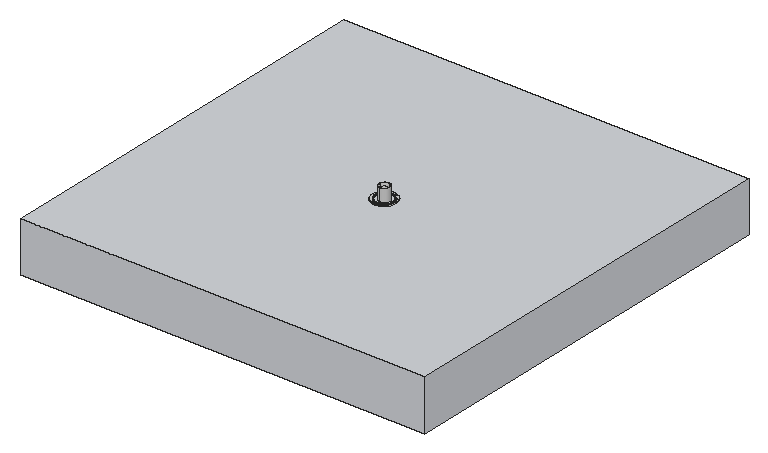
Revit family "LAMP_HANCE DOWNLIGHT SEMIRECESSED MEDIUM FLOOD 1000_2000 (DALI)", category Modelos genéricos, Revit 2015
Parameters (values of type "740LM 4000K 1000 BLACK")
  Weight = 0.79 kg
  Type = "COB PHILIPS"
  Tilting [instance] = if(Tilt < 0.00°, 180.00°, if(Tilt > 85.00°, 265.00°, Tilt + 180.00°))  # 180.00°
  Tilt [instance] = 0.00°
  Recessed diameter = 132 mm
  Protection rating = "IP20"
  Product datasheet = "http://www.lamp.es/product-files/TECH/HD1SR10MF840DBB-EN.pdf"
  Product code = "HD1SR10MF840DBB"
  Product URL = "https://www.lamp.es/en/family/hance-downlight_196363"
  Power Supply = "220-240V 50/60Hz"
  Power = 7 W
  Plum = 7.6 W
  Photometric web file = Cuerpo Hance BASE (tilting)_MF : 740LM 4000K 1000 BLACK
  Modelo = Product code  # "HD1SR10MF840DBB"
  Model explanation = "Availability of tilting between 0º and 85º when placed in a project."
  Material interior aro = LAMP_Aluminio Hance Negro
  Material aro = LAMP_Aluminio Hance Negro
  Manufacturer name = "LAMP"
  Manufacturer country = "Spain"
  Manufacturer URL = "http://www.lamp.es/en"
  MacAdam = "3"
  Luminaire type = "Indoor - Recessed downlight"
  Last update = "22/11/2019"
  Lamp = "COB LED"
  LED Lifetime = "50.000 L80 B10"
  Insulation class = "II"
  Installation instructions = "https://www.lamp.es/product-files/INS/1004410-B-INSTR.%20DE%20MONTAJE%20HANCE%20DOWNLIGHT.pdf"
  Initial intensity = 740 lm
  Initial color = 4000 K
  IEE = "A+"
  Gear = "Adjustable DALI"
  Finish = "Texturised white RAL 9010"
  Fabricante = Manufacturer name  # "LAMP"
  Default Elevation = 1219.2 mm
  Efficacy = 97.37 lm/W
  Diameter = 143 mm
  Descripción = "HANCE DOWN SEMIREC 1000 NW MFL DALI BK."
  Decorative ring [instance] = Aro decorativo (tilting) : Black
  Comentarios de tipo = Model explanation  # "Availability of tilting between 0º and 85º when placed in a project."
  CRI = "80"
Types (8, lengths in mm): name | Product datasheet | Product code | Power | Plum | Photometric web file | Modelo | Material aro | Initial intensity | Initial color | Finish | Efficacy | Descripción
  740LM 4000K 1000 BLACK | "http://www.lamp.es/product-files/TECH/HD1SR10MF840DBB-EN.pdf" | "HD1SR10MF840DBB" | 7 W | 7.6 W | Cuerpo Hance BASE (tilting)_MF : 740LM 4000K 1000 BLACK | "HD1SR10MF840DBB" | LAMP_Aluminio Hance Negro | 740 lm | 4000 K | "Texturised white RAL 9010" | 97.37 lm/W | "HANCE DOWN SEMIREC 1000 NW MFL DALI BK."
  740LM 4000K 1000 WHITE | "http://www.lamp.es/product-files/TECH/HD1SR10MF840DBW-EN.pdf" | "HD1SR10MF840DBW" | 7 W | 7.6 W | Cuerpo Hance BASE (tilting)_MF : 740LM 4000K 1000 WHITE | "HD1SR10MF840DBW" | LAMP_Aluminio Hance Blanco | 740 lm | 4000 K | "Texturised black RAL 9011" | 97.37 lm/W | "HANCE DOWN SEMIREC 1000 NW MFL DALI WH."
  806LM 3000K 1000 BLACK | "http://www.lamp.es/product-files/TECH/HD1SR10MF830DBB-EN.pdf" | "HD1SR10MF830DBB" | 7 W | 7.7 W | Cuerpo Hance BASE (tilting)_MF : 806LM 3000K 1000 BLACK | "HD1SR10MF830DBB" | LAMP_Aluminio Hance Negro | 806 lm | 3000 K | "Texturised white RAL 9010" | 104.71 lm/W | "HANCE DOWN SEMIREC 1000 WW MFL DALI BK."
  806LM 3000K 1000 WHITE | "http://www.lamp.es/product-files/TECH/HD1SR10MF830DBW-EN.pdf" | "HD1SR10MF830DBW" | 7 W | 7.7 W | Cuerpo Hance BASE (tilting)_MF : 806LM 3000K 1000 WHITE | "HD1SR10MF830DBW" | LAMP_Aluminio Hance Blanco | 806 lm | 3000 K | "Texturised black RAL 9011" | 104.71 lm/W | "HANCE DOWN SEMIREC 1000 WW MFL DALI WH."
  1606LM 4000K 2000 BLACK | "http://www.lamp.es/product-files/TECH/HD1SR20MF840DBB-EN.pdf" | "HD1SR20MF840DBB" | 18 W | 20.6 W | Cuerpo Hance BASE (tilting)_MF : 1606LM 4000K 2000 BLACK | "HD1SR20MF840DBB" | LAMP_Aluminio Hance Negro | 1606 lm | 4000 K | "Texturised black RAL 9011" | 77.96 lm/W | "HANCE DOWN SEMIREC 2000 NW MFL DALI BK."
  1606LM 4000K 2000 WHITE | "http://www.lamp.es/product-files/TECH/HD1SR20MF840DBW-EN.pdf" | "HD1SR20MF840DBW" | 18 W | 20.6 W | Cuerpo Hance BASE (tilting)_MF : 1606LM 4000K 2000 WHITE | "HD1SR20MF840DBW" | LAMP_Aluminio Hance Blanco | 1606 lm | 4000 K | "Texturised white RAL 9010" | 77.96 lm/W | "HANCE DOWN SEMIREC 2000 NW MFL DALI WH."
  1760LM 3000K 2000 BLACK | "http://www.lamp.es/product-files/TECH/HD1SR20MF830DBB-EN.pdf" | "HD1SR20MF830DBB" | 18 W | 20.7 W | Cuerpo Hance BASE (tilting)_MF : 1760LM 3000K 2000 BLACK | "HD1SR20MF830DBB" | LAMP_Aluminio Hance Negro | 1760 lm | 3000 K | "Texturised black RAL 9011" | 85.01 lm/W | "HANCE DOWN SEMIREC 2000 WW MFL DALI BK."
  1760LM 3000K 2000 WHITE | "http://www.lamp.es/product-files/TECH/HD1SR20MF830DBW-EN.pdf" | "HD1SR20MF830DBW" | 18 W | 20.7 W | Cuerpo Hance BASE (tilting)_MF : 1760LM 3000K 2000 WHITE | "HD1SR20MF830DBW" | LAMP_Aluminio Hance Blanco | 1760 lm | 3000 K | "Texturised white RAL 9010" | 85.01 lm/W | "HANCE DOWN SEMIREC 2000 WW MFL DALI WH."
Reference planes
  plane 1 "Centro (Frontal/Posterior)": y = 0
  plane 2: z = 0
  plane 3 "Centro (Izquierda/Derecha)": x = 0
Forms (mm)
  Extrusion 1, solid
    sketch origin (0, 0, 0) x (1, 0, 0) y (0, 1, 0)
      loop
        line (-1219.2, 1219.2) -> (-1219.2, -1219.2) -> (1219.2, -1219.2) -> (1219.2, 1219.2) -> (-1219.2, 1219.2)
    from 0 to -304.8
  Revolve 2, solid, material "LAMP_Aluminio Hance Negro" <- "Material aro"
    sketch origin (0, 0, 0) x (1, 0, 0) y (0, 0, 1)
      loop
        line (71.4, 0) -> (71.4, 1) -> (56.5, 1) -> (56.5, -70) -> (64.5, -70) -> (64.5, -69) -> (59, -69) -> (59, 0) -> (71.4, 0)
      axis (0, 1) -> (0, -70)
    angle from 0 to 360
  Revolve 3, solid, material "LAMP_Aluminio Hance Negro" <- "Material interior aro"
    sketch origin (0, 0, 0) x (1, 0, 0) y (0, 0, 1)
      loop
        arc (51.874, -0.646) -> (51.598, -1.016) -> (51.498, -1.466) r 1.1
        arc (51.498, -1.466) -> (49.354, -17.889) -> (43.277, -33.297) r 67.535
        arc (43.277, -33.297) -> (42.922, -33.665) -> (42.43, -33.8) r 0.965
        line (42.43, -33.8) -> (0, -33.8) -> (0, -34.8) -> (42.43, -34.8)
        arc (42.43, -34.8) -> (42.922, -34.665) -> (43.277, -34.297) r 0.965
        arc (43.277, -34.297) -> (49.354, -18.889) -> (51.498, -2.466) r 67.535
        arc (51.498, -2.466) -> (51.598, -2.016) -> (51.874, -1.646) r 1.1
        arc (51.874, -1.646) -> (53.912, -0.425) -> (56.25, 0) r 6.641
        line (56.25, 0) -> (56.25, 1)
        arc (56.25, 1) -> (53.912, 0.575) -> (51.874, -0.646) r 6.641
      axis (0, 1) -> (0, -34.8)
    angle from 0 to 360
  Extrusion 4, void
    sketch origin (0, 0, 0) x (1, 0, 0) y (0, 1, 0)
      loop
        line (7.1, 33.5) -> (-7.105, 33.5)
        arc (-7.105, 33.5) -> (-40.605, 0) -> (-7.105, -33.5) r 33.5
        line (-7.105, -33.5) -> (7.1, -33.5)
        arc (7.1, -33.5) -> (40.6, 0) -> (7.1, 33.5) r 33.5
    from -41.216 to -28.478
Cuts and joins
  Extrusion 4 cuts Revolve 3
Text (mm)
  text "Any modification of the parameters and properties of the LAMP BIM models must be executed and validated by the LAMP technical department.\n\nPhone: +34 93 736 68 00\n\nE-mail: lamp@lamp.es\n\n\n\nLAMP reserves the right to modify the technical specifications of its products." at (39771.841, -40794.867, 40621.237), in view "Preview"
Dimensions and locks
  aligned and locked: plane 2 to Extrusion 1
  aligned and locked: level to Extrusion 1
Nested families
  nested 1: "Cuerpo Hance BASE (tilting)_MF" at (0, 1.967, 33.338), type <- "Photometric web file", type "740LM 4000K 1000 BLACK"
    with Tilting 180.00°
  nested 2: "Aro decorativo (tilting)" at (-27.9, 0, -21.232), type <- "Decorative ring", type "Black"
    with Tilting 0.00°
Connectors
  electrical at (-16.363, 0, -29.25)
    settings: on nested 1, index 1, voltage 230 V, apparent load 0 VA, apparent load phase1 0 VA, apparent load phase2 0 VA, apparent load phase3 0 VA, power factor 1, load classification "Otro", number of poles 1, system type 31, power factor state 1, is connector primary yes, connector utility no, sub classification motor no, connector description ""
Definition of nested family "Cuerpo Hance BASE (tilting)_MF"
  Parameters (values of type "740LM 4000K 1000 BLACK")
    Tilting = 90.00°
    Photometric web file = Cuerpo Hance BASE_MF : 740LM 4000K 1000 BLACK
    Default Elevation = 1219.2 mm
  Types (17, lengths in mm): name | Photometric web file
    (no name) | Cuerpo Hance BASE_MF : 740LM 4000K 1000 BLACK
    740LM 4000K 1000 BLACK | Cuerpo Hance BASE_MF : 740LM 4000K 1000 BLACK
    740LM 4000K 1000 WHITE | Cuerpo Hance BASE_MF : 740LM 4000K 1000 WHITE
    806LM 3000K 1000 BLACK | Cuerpo Hance BASE_MF : 806LM 3000K 1000 BLACK
    806LM 3000K 1000 WHITE | Cuerpo Hance BASE_MF : 806LM 3000K 1000 WHITE
    1606LM 4000K 2000 BLACK | Cuerpo Hance BASE_MF : 1606LM 4000K 2000 BLACK
    1606LM 4000K 2000 WHITE | Cuerpo Hance BASE_MF : 1606LM 4000K 2000 WHITE
    1760LM 3000K 2000 BLACK | Cuerpo Hance BASE_MF : 1760LM 3000K 2000 BLACK
    1760LM 3000K 2000 WHITE | Cuerpo Hance BASE_MF : 1760LM 3000K 2000 WHITE
    2744LM 4000K 3000 BLACK | Cuerpo Hance BASE_MF : 2744LM 4000K 3000 BLACK
    2744LM 4000K 3000 WHITE | Cuerpo Hance BASE_MF : 2744LM 4000K 3000 WHITE
    2816LM 3000K 3000 BLACK | Cuerpo Hance BASE_MF : 2816LM 3000K 3000 BLACK
    2816LM 3000K 3000 WHITE | Cuerpo Hance BASE_MF : 2816LM 3000K 3000 WHITE
    3724LM 3000K 4000 BLACK | Cuerpo Hance BASE_MF : 3724LM 3000K 4000 BLACK
    3724LM 3000K 4000 WHITE | Cuerpo Hance BASE_MF : 3724LM 3000K 4000 WHITE
    3875LM 4000K 4000 BLACK | Cuerpo Hance BASE_MF : 3875LM 4000K 4000 BLACK
    3875LM 4000K 4000 WHITE | Cuerpo Hance BASE_MF : 3875LM 4000K 4000 WHITE
  Reference planes
    plane 1 "Centro (Frontal/Posterior)": y = 0
    plane 2: z = 0
    plane 3 "Centro (Izquierda/Derecha)": x = 0
  Lines and regions (mm)
    reference lines
      curve 1: line (0, 0, 0) -> (200, 0, 0)
  Dimensions and locks
    "Tilting": angle plane 3 "Centro (Izquierda/Derecha)" to curve 1
    aligned and locked: level to plane 2
    aligned and locked: plane 3 "Centro (Izquierda/Derecha)" to curve 1
    aligned and locked: plane 2 to curve 1
  Nested families
    nested 1: "Cuerpo Hance BASE_MF" at (-21.588, -1.967, 27.875), type <- "Photometric web file", type "740LM 4000K 1000 BLACK"
  Definition of nested family "Cuerpo Hance BASE_MF"
    Parameters (values of type "740LM 4000K 1000 BLACK")
      Tilt Angle = 90.00° + Tilting  # 180.00°
      Wattage = 7.6 W
      Tilting = 90.00°
      built-in parameter 1150107 = 4000 (stored number, unit not read)
      Radio vacio posterior = Radio cuerpo - 2.2 mm  # 30.3 mm
      Radio vaciado = Radio cuerpo - 1.5 mm  # 31 mm
      Radio cuerpo = if(Longitud cuerpo = 145 mm, 45 mm, 32.5 mm)  # 32.5 mm
      built-in parameter 1150110 = 1 (stored number, unit not read)
      built-in parameter 1150109 = 1 (stored number, unit not read)
      built-in parameter 1150112 = 1 (stored number, unit not read)
      built-in parameter 1150113 = 1 (stored number, unit not read)
      built-in parameter 1114218 = 1 (stored number, unit not read)
      built-in parameter 1150137 = (empty or 0)
      built-in parameter 1150132 = 2
      Material reflector = none
      Material cuerpo = none
      Material COB = none
      Longitud cuerpo = 100 mm
      Long. origen luz = if(Longitud cuerpo = 100 mm, 20 mm, if(Longitud cuerpo = 170 mm, 55 mm, 90 mm))  # 20 mm
      L_3 = if(Ancho disipador posterior = 80.4 mm, 39.6 mm, 12 mm)  # 12 mm
      L_2 = if(Ancho disipador posterior = 80.4 mm, 36.3 mm, 22.6 mm)  # 22.6 mm
      L_1 = if(Ancho disipador posterior = 80.4 mm, 36.8 mm, 25.4 mm)  # 25.4 mm
      built-in parameter 1150105 = 2444 (stored number, unit not read)
      built-in parameter 1150102 = (empty or 0)
      built-in parameter 1150106 = 24.44 (stored number, unit not read)
      Lumens = 740.012 lm
      Color Filter = 16777215
      built-in parameter 1114217 = 1 (stored number, unit not read)
      built-in parameter 1150139 = (empty or 0)
      Default Elevation = 1219.2 mm
      built-in parameter 1150104 = 9.046 (stored number, unit not read)
      Diametro aro = if(Radio cuerpo = 45 mm, 42.9 mm, 30.4 mm)  # 30.4 mm
      built-in parameter 1150115 = 1 (stored number, unit not read)
      built-in parameter 1150114 = 1 (stored number, unit not read)
      built-in parameter 1150138 = (empty or 0)
      built-in parameter 1150134 = 12
      Dimming Lamp Color Temperature Shift = (empty or 0)
      Photometric Web File = "HD1RE10MF840NBB.IES"
      Ancho vaciado reflector = if(Radio cuerpo = 45 mm, 34.4 mm, 21.9 mm)  # 21.9 mm
      Ancho reflector = if(Radio cuerpo = 45 mm, 35.4 mm, 22.9 mm)  # 22.9 mm
      Ancho disipador posterior = if(Radio cuerpo = 32.5 mm, 53 mm, 80.4 mm)  # 53 mm
      built-in parameter 1150133 = 10 (stored number, unit not read)
      Altura disipador superior = if(Radio cuerpo = 45 mm, 23.9 mm, 36.9 mm)  # 36.9 mm
      Ancho disipador superior = if(Radio cuerpo = 45 mm, 28 mm, 22.6 mm)  # 22.6 mm
    Types (16, lengths in mm): name | Wattage | built-in parameter 1150107 | Radio vacio posterior | Radio vaciado | Radio cuerpo | Longitud cuerpo | Long. origen luz | L_3 | L_2 | L_1 | built-in parameter 1150105 | built-in parameter 1150106 | Lumens | built-in parameter 1150104 | Diametro aro | built-in parameter 1150134 | Photometric Web File | Ancho vaciado reflector | Ancho reflector | Ancho disipador posterior | Altura disipador superior | Ancho disipador superior
      740LM 4000K 1000 BLACK | 7.6 W | 4000 (stored number, unit not read) | 30.3 | 31 | 32.5 | 100 | 20 | 12 | 22.6 | 25.4 | 2444 (stored number, unit not read) | 24.44 (stored number, unit not read) | 740.012 lm | 9.046 (stored number, unit not read) | 30.4 | 12 | "HD1RE10MF840NBB.IES" | 21.9 | 22.9 | 53 | 36.9 | 22.6
      740LM 4000K 1000 WHITE | 7.6 W | 4000 (stored number, unit not read) | 30.3 | 31 | 32.5 | 100 | 20 | 12 | 22.6 | 25.4 | 2444 (stored number, unit not read) | 24.44 (stored number, unit not read) | 740.012 lm | 9.046 (stored number, unit not read) | 30.4 | 12 | "HD1RE10MF840NBW.IES" | 21.9 | 22.9 | 53 | 36.9 | 22.6
      806LM 3000K 1000 BLACK | 7.7 W | 3000 (stored number, unit not read) | 30.3 | 31 | 32.5 | 100 | 20 | 12 | 22.6 | 25.4 | 2662.5 (stored number, unit not read) | 26.625 (stored number, unit not read) | 806.19 lm | 9.7269 (stored number, unit not read) | 30.4 | (empty or 0) | "HD1RE10MF830NBB.IES" | 21.9 | 22.9 | 53 | 36.9 | 22.6
      806LM 3000K 1000 WHITE | 7.7 W | 3000 (stored number, unit not read) | 30.3 | 31 | 32.5 | 100 | 20 | 12 | 22.6 | 25.4 | 2662.5 (stored number, unit not read) | 26.625 (stored number, unit not read) | 806.19 lm | 9.7269 (stored number, unit not read) | 30.4 | (empty or 0) | "HD1RE10MF830NBW.IES" | 21.9 | 22.9 | 53 | 36.9 | 22.6
      1606LM 4000K 2000 BLACK | 20.6 W | 4000 (stored number, unit not read) | 30.3 | 31 | 32.5 | 100 | 20 | 12 | 22.6 | 25.4 | 5303.9 (stored number, unit not read) | 53.039 (stored number, unit not read) | 1605.98 lm | 7.2427 (stored number, unit not read) | 30.4 | 12 | "HD1RE20MF840NBB.IES" | 21.9 | 22.9 | 53 | 36.9 | 22.6
      1606LM 4000K 2000 WHITE | 20.6 W | 4000 (stored number, unit not read) | 30.3 | 31 | 32.5 | 100 | 20 | 12 | 22.6 | 25.4 | 5303.9 (stored number, unit not read) | 53.039 (stored number, unit not read) | 1605.98 lm | 7.2427 (stored number, unit not read) | 30.4 | 12 | "HD1RE20MF840NBW.IES" | 21.9 | 22.9 | 53 | 36.9 | 22.6
      1760LM 3000K 2000 BLACK | 20.7 W | 3000 (stored number, unit not read) | 30.3 | 31 | 32.5 | 100 | 20 | 12 | 22.6 | 25.4 | 5818.7 (stored number, unit not read) | 58.187 (stored number, unit not read) | 1759.71 lm | 7.8977 (stored number, unit not read) | 30.4 | (empty or 0) | "HD1RE20MF830NBB.IES" | 21.9 | 22.9 | 53 | 36.9 | 22.6
      1760LM 3000K 2000 WHITE | 20.7 W | 3000 (stored number, unit not read) | 30.3 | 31 | 32.5 | 100 | 20 | 12 | 22.6 | 25.4 | 5818.7 (stored number, unit not read) | 58.187 (stored number, unit not read) | 1759.71 lm | 7.8977 (stored number, unit not read) | 30.4 | (empty or 0) | "HD1RE20MF830NBW.IES" | 21.9 | 22.9 | 53 | 36.9 | 22.6
      2744LM 4000K 3000 BLACK | 27.8 W | 4000 (stored number, unit not read) | 42.8 | 43.5 | 45 | 145 | 90 | 39.6 | 36.3 | 36.8 | 9073.9 (stored number, unit not read) | 90.739 (stored number, unit not read) | 2744.14 lm | 9.1705 (stored number, unit not read) | 42.9 | 12 | "HD1RE30MF840NBB.IES" | 34.4 | 35.4 | 80.4 | 23.9 | 28
      2744LM 4000K 3000 WHITE | 27.8 W | 4000 (stored number, unit not read) | 42.8 | 43.5 | 45 | 145 | 90 | 39.6 | 36.3 | 36.8 | 9073.9 (stored number, unit not read) | 90.739 (stored number, unit not read) | 2744.14 lm | 9.1705 (stored number, unit not read) | 42.9 | 12 | "HD1RE30MF840NBW.IES" | 34.4 | 35.4 | 80.4 | 23.9 | 28
      2816LM 3000K 3000 BLACK | 28.2 W | 3000 (stored number, unit not read) | 42.8 | 43.5 | 45 | 145 | 90 | 39.6 | 36.3 | 36.8 | 12461.1 (stored number, unit not read) | 124.61 (stored number, unit not read) | 2815.77 lm | 9.2764 (stored number, unit not read) | 42.9 | (empty or 0) | "HD1RE30MF830NBB.IES" | 34.4 | 35.4 | 80.4 | 23.9 | 28
      2816LM 3000K 3000 WHITE | 28.2 W | 3000 (stored number, unit not read) | 42.8 | 43.5 | 45 | 145 | 90 | 39.6 | 36.3 | 36.8 | 12461.1 (stored number, unit not read) | 124.61 (stored number, unit not read) | 2815.77 lm | 9.2764 (stored number, unit not read) | 42.9 | (empty or 0) | "HD1RE30MF830NBW.IES" | 34.4 | 35.4 | 80.4 | 23.9 | 28
      3724LM 3000K 4000 BLACK | 37.6 W | 3000 (stored number, unit not read) | 42.8 | 43.5 | 45 | 145 | 90 | 39.6 | 36.3 | 36.8 | 16481.7 (stored number, unit not read) | 164.82 (stored number, unit not read) | 3724.28 lm | 9.202 (stored number, unit not read) | 42.9 | (empty or 0) | "HD1RE40MF830NBB.IES" | 34.4 | 35.4 | 80.4 | 23.9 | 28
      3724LM 3000K 4000 WHITE | 37.6 W | 3000 (stored number, unit not read) | 42.8 | 43.5 | 45 | 145 | 90 | 39.6 | 36.3 | 36.8 | 16481.7 (stored number, unit not read) | 164.82 (stored number, unit not read) | 3724.28 lm | 9.202 (stored number, unit not read) | 42.9 | (empty or 0) | "HD1RE40MF830NBW.IES" | 34.4 | 35.4 | 80.4 | 23.9 | 28
      3875LM 4000K 4000 BLACK | 37.6 W | 4000 (stored number, unit not read) | 42.8 | 43.5 | 45 | 145 | 90 | 39.6 | 36.3 | 36.8 | 15793 (stored number, unit not read) | 157.93 (stored number, unit not read) | 3875.06 lm | 9.5746 (stored number, unit not read) | 42.9 | 12 | "HD1RE40MF840NBB.IES" | 34.4 | 35.4 | 80.4 | 23.9 | 28
      3875LM 4000K 4000 WHITE | 37.6 W | 4000 (stored number, unit not read) | 42.8 | 43.5 | 45 | 145 | 90 | 39.6 | 36.3 | 36.8 | 15793 (stored number, unit not read) | 157.93 (stored number, unit not read) | 3875.06 lm | 9.5746 (stored number, unit not read) | 42.9 | 12 | "HD1RE40MF840NBW.IES" | 34.4 | 35.4 | 80.4 | 23.9 | 28
    Reference planes
      plane 1 "Centro (Frontal/Posterior)": y = 0
      plane 2: z = 0
      plane 3 "Centro (Izquierda/Derecha)": x = 0
    Forms (mm)
      Extrusion 1, solid, material <- "Material cuerpo"
        sketch origin (0, 0, 0) x (0, -1, 0) y (0, 0, 1)
          loop
            circle (0, -27.875) r 32.5
        from -58 to 42
      Extrusion 2, void
        sketch origin (0, 0, 0) x (0, 1, 0) y (0, 0, 1)
          loop
            line (11.3, 30) -> (-11.3, 30) -> (-11.3, -6.9)
            arc (-11.3, -6.9) -> (0, -7.855) -> (11.3, -6.9) r 67.349
            line (11.3, -6.9) -> (11.3, 30)
        from -42 to 9.4
      Extrusion 3, void
        sketch origin (0, 0, 0) x (0, 1, 0) y (0, 0, 1)
          loop
            circle (0, -27.875) r 30.3
        from -42 to -41
      Extrusion 4, void
        sketch origin (0, 0, 0) x (0, 1, 0) y (0, 0, 1)
          loop
            line (26.5, -26.291) -> (-26.5, -26.291)
            arc (-26.5, -26.291) -> (-27.7, -27.491) -> (-26.5, -28.691) r 1.2
            line (-26.5, -28.691) -> (26.5, -28.691)
            arc (26.5, -28.691) -> (27.7, -27.491) -> (26.5, -26.291) r 1.2
          loop
            line (26.115, -30.891) -> (-26.115, -30.891)
            arc (-26.115, -30.891) -> (-27.315, -32.091) -> (-26.115, -33.291) r 1.2
            line (-26.115, -33.291) -> (26.115, -33.291)
            arc (26.115, -33.291) -> (27.315, -32.091) -> (26.115, -30.891) r 1.2
          loop
            line (25.4, -35.55) -> (-24.915, -35.55)
            arc (-24.915, -35.55) -> (-26.115, -36.75) -> (-24.915, -37.95) r 1.2
            line (-24.915, -37.95) -> (25.4, -37.95)
            arc (25.4, -37.95) -> (26.6, -36.75) -> (25.4, -35.55) r 1.2
          loop
            line (22.6, -40.091) -> (-22.64, -40.091)
            arc (-22.64, -40.091) -> (-23.84, -41.291) -> (-22.64, -42.491) r 1.2
            line (-22.64, -42.491) -> (22.6, -42.491)
            arc (22.6, -42.491) -> (23.8, -41.291) -> (22.6, -40.091) r 1.2
          loop
            line (19.043, -44.691) -> (-19.086, -44.691)
            arc (-19.086, -44.691) -> (-20.286, -45.891) -> (-19.086, -47.091) r 1.2
            line (-19.086, -47.091) -> (19.043, -47.091)
            arc (19.043, -47.091) -> (20.243, -45.891) -> (19.043, -44.691) r 1.2
          loop
            line (15.357, -49.291) -> (-15.5, -49.291)
            arc (-15.5, -49.291) -> (-16.6, -50.391) -> (-15.5, -51.491) r 1.1
            line (-15.5, -51.491) -> (15.357, -51.491)
            arc (15.357, -51.491) -> (16.457, -50.391) -> (15.357, -49.291) r 1.1
          loop
            line (6, -53.691) -> (-6, -53.691)
            arc (-6, -53.691) -> (-7.1, -54.791) -> (-6, -55.891) r 1.1
            line (-6, -55.891) -> (6, -55.891)
            arc (6, -55.891) -> (7.1, -54.791) -> (6, -53.691) r 1.1
        from -42 to -38.7
      Extrusion 5, void
        sketch origin (0, 0, 0) x (-1, 0, 0) y (0, -1, 0)
          loop
            line (37.7, -9.12) -> (37.7, 9.12)
            arc (37.7, 9.12) -> (36.6, 10.22) -> (35.5, 9.12) r 1.1
            line (35.5, 9.12) -> (35.5, -9.12)
            arc (35.5, -9.12) -> (36.6, -10.22) -> (37.7, -9.12) r 1.1
          loop
            line (28.9, -9.12) -> (28.9, 9.12)
            arc (28.9, 9.12) -> (27.8, 10.22) -> (26.7, 9.12) r 1.1
            line (26.7, 9.12) -> (26.7, -9.12)
            arc (26.7, -9.12) -> (27.8, -10.22) -> (28.9, -9.12) r 1.1
          loop
            line (20.1, -9.12) -> (20.1, 9.12)
            arc (20.1, 9.12) -> (19, 10.22) -> (17.9, 9.12) r 1.1
            line (17.9, 9.12) -> (17.9, -9.12)
            arc (17.9, -9.12) -> (19, -10.22) -> (20.1, -9.12) r 1.1
        from -51.491 to 30
      Extrusion 6, void
        sketch origin (0, 0, 0) x (-1, 0, 0) y (0, -1, 0)
          loop
            line (33.3, -9.12) -> (33.3, 9.12)
            arc (33.3, 9.12) -> (32.2, 10.22) -> (31.1, 9.12) r 1.1
            line (31.1, 9.12) -> (31.1, -9.12)
            arc (31.1, -9.12) -> (32.2, -10.22) -> (33.3, -9.12) r 1.1
          loop
            line (24.5, -9.12) -> (24.5, 9.12)
            arc (24.5, 9.12) -> (23.4, 10.22) -> (22.3, 9.12) r 1.1
            line (22.3, 9.12) -> (22.3, -9.12)
            arc (22.3, -9.12) -> (23.4, -10.22) -> (24.5, -9.12) r 1.1
        from -8.232 to 30
      Extrusion 7, void
        sketch origin (0, 0, 0) x (0, 1, 0) y (0, 0, 1)
          loop
            circle (0, -27.875) r 31
        from 17.213 to 58
      Revolve 8, solid, material <- "Material reflector"
        sketch origin (0, 0, 0) x (1, 0, 0) y (0, 0, 1)
          loop
            line (25.5, -27.875) -> (45.818, -27.875) -> (45.818, -4.975) -> (25.5, -19.875) -> (25.5, -27.875)
          axis (25.5, -27.875) -> (45.818, -27.875)
        angle from 0 to 360
      Revolve 9, void
        sketch origin (0, 0, 0) x (1, 0, 0) y (0, 0, 1)
          loop
            line (45.818, -5.975) -> (26.5, -20.142) -> (25.5, -20.142) -> (25.5, -27.875) -> (26.5, -27.875) -> (45.818, -27.875) -> (45.818, -5.975)
          axis (45.818, -27.875) -> (25.5, -27.875)
        angle from 0 to 360
      Extrusion 10, solid, material <- "Material COB"
        sketch origin (0, 0, 0) x (0, -1, 0) y (0, 0, 1)
          loop
            circle (0, -27.875) r 7.733
        from -26.5 to -25.5
    Cuts and joins
      Extrusion 2, Extrusion 3, Extrusion 4, Extrusion 5, Extrusion 6, Extrusion 7 cuts Extrusion 1
      Revolve 9 cuts Revolve 8
    Lines and regions (mm)
      reference lines
        curve 1: line (0, 0, 0) -> (178.042, 0, 0)
        curve 2: line (93, 0, -27.875) -> (113, 0, -27.875)
        curve 3: line (0, 0, 0) -> (0, 0, -75)
        curve 4: line (93, 0, -22.875) -> (93, 0, -32.875)
    Text (mm)
      text "Any modification of the parameters and properties of the LAMP BIM models must be executed and validated by the LAMP technical department.\n\nPhone: +34 93 736 68 00\n\nE-mail: lamp@lamp.es\n\n\n\nLAMP reserves the right to modify the technical specifications of its products." at (97482.136, -81600.41, 57308.082), in view "Preview"
    Dimensions and locks
      locked: Revolve 9 sketch curve to cut or joined group of Extrusion 1, Extrusion 2, Extrusion 3, Extrusion 4, Extrusion 5, Extrusion 6, Extrusion 7 at 12.182
      "Longitud cuerpo": cut or joined group of Extrusion 1, Extrusion 2, Extrusion 3, Extrusion 4, Extrusion 5, Extrusion 6, Extrusion 7 to cut or joined group of Extrusion 1, Extrusion 2, Extrusion 3, Extrusion 4, Extrusion 5, Extrusion 6, Extrusion 7
      locked: cut or joined group of Extrusion 1, Extrusion 2, Extrusion 3, Extrusion 4, Extrusion 5, Extrusion 6, Extrusion 7 to curve 3 at 42
      locked: cut or joined group of Revolve 8, Revolve 9 to cut or joined group of Extrusion 1, Extrusion 2, Extrusion 3, Extrusion 4, Extrusion 5, Extrusion 6, Extrusion 7 at 12.182
      locked: cut or joined group of Revolve 8, Revolve 9 to cut or joined group of Revolve 8, Revolve 9 at 20.318
      locked: cut or joined group of Extrusion 1, Extrusion 2, Extrusion 3, Extrusion 4, Extrusion 5, Extrusion 6, Extrusion 7 to Extrusion 10 at 31.5
      locked: Extrusion 10 to Extrusion 10 at 1
      "Long. origen luz": curve 4 to curve 2
      equal spacing: Extrusion 4 sketch curve, plane 1 "Centro (Frontal/Posterior)", Extrusion 4 sketch curve  (x2)
      "Ancho disipador posterior": Extrusion 4 sketch curve to Extrusion 4 sketch curve
      "L_1": Extrusion 4 sketch curve to plane 1 "Centro (Frontal/Posterior)"
      "L_2": Extrusion 4 sketch curve to curve 3
      "L_3": Extrusion 4 sketch curve to Extrusion 4 sketch curve
      equal spacing: Extrusion 2 sketch curve, plane 1 "Centro (Frontal/Posterior)", Extrusion 2 sketch curve
      "Ancho disipador superior": Extrusion 2 sketch curve to Extrusion 2 sketch curve
      "Altura disipador superior": Extrusion 2 sketch curve to Extrusion 2 sketch curve
      locked: plane 2 to Extrusion 2 sketch curve at 30
      "Ancho reflector": Revolve 8 sketch curve to imposter light
      "Ancho vaciado reflector": Revolve 9 sketch curve to imposter light
      "Radio cuerpo": radius of Extrusion 1 sketch curve
      "Radio vaciado": radius of Extrusion 7 sketch curve
      "Radio vacio posterior": radius of Extrusion 3 sketch curve
      "Tilting": angle plane 3 "Centro (Izquierda/Derecha)" to curve 1
      aligned and locked: level to plane 2
      aligned and locked: imposter light to curve 2  (x2)
      aligned and locked: cut or joined group of Extrusion 1, Extrusion 2, Extrusion 3, Extrusion 4, Extrusion 5, Extrusion 6, Extrusion 7 to cut or joined group of Extrusion 1, Extrusion 2, Extrusion 3, Extrusion 4, Extrusion 5, Extrusion 6, Extrusion 7
    Automatic sketch dimensions
      curve 1 to Extrusion 5 sketch curve = 17.9 mm
      Extrusion 5 sketch curve to Extrusion 5 sketch curve = 1.1 mm  (x3)
      Extrusion 5 sketch curve to Extrusion 5 sketch curve = 6.6 mm  (x2)
      Extrusion 5 sketch curve to curve 1 = 9.12 mm  (x2)
      Extrusion 5 sketch curve to Extrusion 5 sketch curve = 0 mm  (x3)
      curve 1 to Extrusion 5 sketch curve = 9.12 mm
      curve 1 to Extrusion 6 sketch curve = 22.3 mm
      Extrusion 6 sketch curve to Extrusion 6 sketch curve = 1.1 mm  (x2)
      Extrusion 6 sketch curve to Extrusion 6 sketch curve = 6.6 mm
      Extrusion 6 sketch curve to curve 1 = 9.12 mm
      Extrusion 6 sketch curve to Extrusion 6 sketch curve = 0 mm  (x2)
      curve 1 to Extrusion 6 sketch curve = 9.12 mm
      Extrusion 10 sketch curve to plane 1 "Centro (Frontal/Posterior)" = 0 mm
      Extrusion 1 sketch curve to plane 1 "Centro (Frontal/Posterior)" = 0 mm
      Extrusion 1 sketch curve to level = 27.875 mm
      Extrusion 2 sketch curve to plane 1 "Centro (Frontal/Posterior)" = 0 mm
      Extrusion 2 sketch curve to Extrusion 2 sketch curve = 29.494 mm
      Extrusion 3 sketch curve to plane 1 "Centro (Frontal/Posterior)" = 0 mm
      Extrusion 3 sketch curve to level = 27.875 mm
      Extrusion 4 sketch curve to Extrusion 4 sketch curve = 0.385 mm  (x2)
      Extrusion 4 sketch curve to Extrusion 4 sketch curve = 1.2 mm  (x6)
      Extrusion 4 sketch curve to Extrusion 4 sketch curve = 2.276 mm
      Extrusion 4 sketch curve to Extrusion 4 sketch curve = 3.554 mm
      Extrusion 4 sketch curve to Extrusion 4 sketch curve = 3.586 mm
      Extrusion 4 sketch curve to Extrusion 4 sketch curve = 9.357 mm
      Extrusion 4 sketch curve to Extrusion 4 sketch curve = 3.557 mm
      Extrusion 4 sketch curve to level = 55.891 mm
      Extrusion 4 sketch curve to Extrusion 4 sketch curve = 1.1 mm  (x2)
      Extrusion 4 sketch curve to Extrusion 4 sketch curve = 2.2 mm  (x4)
      Extrusion 4 sketch curve to Extrusion 4 sketch curve = 2.141 mm
      Extrusion 4 sketch curve to Extrusion 4 sketch curve = 2.259 mm
      Extrusion 7 sketch curve to plane 1 "Centro (Frontal/Posterior)" = 0 mm
      Extrusion 7 sketch curve to level = 27.875 mm
      curve 1 to Revolve 8 sketch curve = 25.5 mm
      Revolve 8 sketch curve to Revolve 8 sketch curve = 20.318 mm
      curve 1 to Revolve 8 sketch curve = 19.875 mm
      Revolve 8 sketch curve to Revolve 8 sketch curve = 8 mm
      Revolve 8 sketch curve to Revolve 8 sketch curve = 0 mm  (x2)
      Revolve 8 sketch curve to Revolve 8 sketch curve = 9.682 mm
      Revolve 9 sketch curve to Revolve 9 sketch curve = 19.318 mm
      Revolve 9 sketch curve to Revolve 9 sketch curve = 0 mm  (x3)
      Revolve 9 sketch curve to Revolve 9 sketch curve = 1 mm
      curve 1 to Revolve 9 sketch curve = 20.142 mm
      Revolve 9 sketch curve to Revolve 9 sketch curve = 7.733 mm
      Revolve 9 sketch curve to Revolve 9 sketch curve = 9.682 mm
      curve 1 to level = 0 mm
      curve 1 to plane 3 "Centro (Izquierda/Derecha)" = 0 mm
      curve 3 to curve 1 = 0 mm  (x2)
      curve 3 to curve 1 = 75 mm
      curve 1 to curve 4 = 32.875 mm
      curve 4 to curve 1 = 85.042 mm
      curve 4 to curve 2 = 5 mm
      curve 2 to curve 4 = 5 mm
      radius of Extrusion 10 sketch curve = 7.733 mm
Definition of nested family "Aro decorativo (tilting)"
  Parameters (values of type "Copper")
    Weight (3000/4000) = 0.016 kg
    Weight (1000/2000) = 0.01 kg
    Tilting = 90.00°
    Product datasheet = ""
    Product code (3000/4000) = "HSRI90C"
    Product code (1000/2000) = "HSRI65C"
    Product URL = ""
    Model = ""
    Material aro = none
    Manufacturer name = "LAMP"
    Manufacturer country = "Spain"
    Manufacturer URL = "http://www.lamp.es/en"
    Longitud = 63.6 mm
    Last update = "21/05/2018"
    Installation instructions = ""
    Finish = "Metalized matt copper"
    Manufacturer = Manufacturer name  # "LAMP"
    Default Elevation = 1219.2 mm
    Diameter (3000/4000) = 90 mm
    Diameter (1000/2000) = 65 mm
    Description = ""
    Accessory Type = "Optic"
    3000/4000 Model = "HSRI90C"
    3000/4000 Description = "HANCE 3000/4000 ACC. RING DECO CO."
    1000/2000 Model = "HSRI65C"
    1000/2000 Description = "HANCE 1000/2000 ACC. RING DECO CO."
  Types (5, lengths in mm): name | Product code (3000/4000) | Product code (1000/2000) | Finish | 3000/4000 Model | 3000/4000 Description | 1000/2000 Model | 1000/2000 Description
    (no name) | "HSRI90C" | "HSRI65C" | "Metalized matt copper" | "HSRI90C" | "HANCE 3000/4000 ACC. RING DECO CO." | "HSRI65C" | "HANCE 1000/2000 ACC. RING DECO CO."
    Black | "HSRI90B" | "HSRI65B" | "Matt black" | "HSRI90B" | "HANCE 3000/4000 ACC. RING DECO BK." | "HSRI65B" | "HANCE 1000/2000 ACC. RING DECO BK."
    Copper | "HSRI90C" | "HSRI65C" | "Metalized matt copper" | "HSRI90C" | "HANCE 3000/4000 ACC. RING DECO CO." | "HSRI65C" | "HANCE 1000/2000 ACC. RING DECO CO."
    Grey | "HSRI90M" | "HSRI65M" | "Metalized matt silver" | "HSRI90M" | "HANCE 3000/4000 ACC. RING DECO MET." | "HSRI65M" | "HANCE 1000/2000 ACC. RING DECO MET."
    White | "HSRI90W" | "HSRI65W" | "Matt White" | "HSRI90W" | "HANCE 3000/4000 ACC. RING DECO WH." | "HSRI65W" | "HANCE 1000/2000 ACC. RING DECO WH."
  Reference planes
    plane 1 "Centro (Frontal/Posterior)": y = 0
    plane 2: z = 0
    plane 3 "Centro (Izquierda/Derecha)": x = 0
  Lines and regions (mm)
    reference lines
      curve 1: line (0, 0, 0) -> (0, 0, -27.9)
      curve 2: line (0, 0, -27.9) -> (80.8, 0, -27.9)
  Text (mm)
    text "Any modification of the parameters and properties of the LAMP BIM models must be executed and validated by the LAMP technical department.\n\nPhone: +34 93 736 68 00\n\nE-mail: lamp@lamp.es\n\n\n\nLAMP reserves the right to modify the technical specifications of its products." at (86527.204, -96597.187, 50741.736), in view "Preview"
  Dimensions and locks
    "Tilting": angle curve 1 to plane 2
    aligned and locked: level to plane 2
    aligned and locked: plane 3 "Centro (Izquierda/Derecha)" to curve 1
    aligned and locked: plane 2 to curve 1
  Automatic sketch dimensions
    curve 2 to curve 1 = 0 mm
    curve 1 to curve 2 = 0 mm
    curve 1 to curve 2 = 80.8 mm
  Nested families
    nested 1: "Aro decorativo" at (17.2, 0, 0), type "Copper"
  Definition of nested family "Aro decorativo"
    Parameters (values of type "Copper")
      Weight (3000/4000) = 0.016 kg
      Weight (1000/2000) = 0.01 kg
      Product datasheet = ""
      Product code (3000/4000) = "HSRI90C"
      Product code (1000/2000) = "HSRI65C"
      Product URL = ""
      Model = ""
      Material aro = none
      Manufacturer name = "LAMP"
      Manufacturer country = "Spain"
      Manufacturer URL = "http://www.lamp.es/en"
      Longitud = 63.6 mm
      Last update = "21/05/2018"
      Installation instructions = ""
      Finish = "Metalized matt copper"
      Manufacturer = Manufacturer name  # "LAMP"
      Default Elevation = 1219.2 mm
      Diametro vaciado aro interior = if(Diametro aro interior = 35.4 mm, 34.4 mm, 21.9 mm)  # 21.9 mm
      Diametro vaciado aro exterior = if(Diametro aro exterior = 42.9 mm, 41.9 mm, 29.4 mm)  # 29.4 mm
      Diametro aro interior = if(Diametro aro exterior = 42.9 mm, 35.4 mm, 22.9 mm)  # 22.9 mm
      Diametro aro exterior = if(Longitud = 138.6 mm, 42.9 mm, 30.4 mm)  # 30.4 mm
      Diameter (3000/4000) = 90 mm
      Diameter (1000/2000) = 65 mm
      Description = ""
      Accessory Type = "Optic"
      3000/4000 Model = "HSRI90C"
      3000/4000 Description = "HANCE 3000/4000 ACC. RING DECO CO."
      1000/2000 Description = "HANCE 1000/2000 ACC. RING DECO CO."
      1000/2000 Model = "HSRI65C"
    Types (5, lengths in mm): name | Product code (3000/4000) | Product code (1000/2000) | Finish | 3000/4000 Model | 3000/4000 Description | 1000/2000 Description | 1000/2000 Model
      (no name) | "HSRI90C" | "HSRI65C" | "Metalized matt copper" | "HSRI90C" | "HANCE 3000/4000 ACC. RING DECO CO." | "HANCE 1000/2000 ACC. RING DECO CO." | "HSRI65C"
      Black | "HSRI90B" | "HSRI65B" | "Matt black" | "HSRI90B" | "HANCE 3000/4000 ACC. RING DECO BK." | "HANCE 1000/2000 ACC. RING DECO BK." | "HSRI65B"
      Copper | "HSRI90C" | "HSRI65C" | "Metalized matt copper" | "HSRI90C" | "HANCE 3000/4000 ACC. RING DECO CO." | "HANCE 1000/2000 ACC. RING DECO CO." | "HSRI65C"
      Grey | "HSRI90M" | "HSRI65M" | "Metalized matt silver" | "HSRI90M" | "HANCE 3000/4000 ACC. RING DECO MET." | "HANCE 1000/2000 ACC. RING DECO MET." | "HSRI65M"
      White | "HSRI90W" | "HSRI65W" | "Matt white" | "HSRI90W" | "HANCE 3000/4000 ACC. RING DECO WH." | "HANCE 1000/2000 ACC. RING DECO WH." | "HSRI65W"
    Reference planes
      plane 1 "Centro (Frontal/Posterior)": y = 0
      plane 2: z = 0
      plane 3 "Centro (Izquierda/Derecha)": x = 0
    Forms (mm)
      Revolve 1, solid, material <- "Material aro"
        sketch origin (0, 0, -27.9) x (1, 0, 0) y (0, 0, 1)
          loop
            line (63.6, 0) -> (73.782, 0) -> (73.782, 30.4) -> (63.6, 22.9) -> (63.6, 0)
          axis (73.782, 0) -> (63.6, 0)
        angle from 0 to 360
      Revolve 2, void
        sketch origin (0, 0, -27.9) x (1, 0, 0) y (0, 0, 1)
          loop
            line (73.782, 29.4) -> (63.6, 21.9) -> (63.6, 0) -> (73.782, 0) -> (73.782, 29.4)
          axis (63.6, 0) -> (73.782, 0)
        angle from 0 to 360
    Cuts and joins
      Revolve 2 cuts Revolve 1
    Lines and regions (mm)
      reference lines
        curve 1: line (0, 0, -27.9) -> (63.6, 0, -27.9)
    Text (mm)
      text "Any modification of the parameters and properties of the LAMP BIM models must be executed and validated by the LAMP technical department.\n\nPhone: +34 93 736 68 00\n\nE-mail: lamp@lamp.es\n\n\n\nLAMP reserves the right to modify the technical specifications of its products." at (91886.357, -93022.329, 47898.266), in view "Preview"
    Dimensions and locks
      "Diametro aro exterior": Revolve 1 sketch curve to Revolve 1 sketch curve
      "Diametro vaciado aro exterior": Revolve 2 sketch curve to Revolve 2 sketch curve
      "Longitud": curve 1 to plane 3 "Centro (Izquierda/Derecha)"
      "Diametro aro interior": Revolve 1 sketch curve to Revolve 1 sketch curve
      "Diametro vaciado aro interior": Revolve 2 sketch curve to Revolve 2 sketch curve
      aligned and locked: level to plane 2
    Automatic sketch dimensions
      Revolve 1 sketch curve to curve 1 = 0 mm  (x4)
      curve 1 to Revolve 1 sketch curve = 10.182 mm
      Revolve 1 sketch curve to Revolve 1 sketch curve = 0 mm
      Revolve 2 sketch curve to curve 1 = 0 mm  (x3)
      curve 1 to Revolve 2 sketch curve = 10.182 mm
      Revolve 2 sketch curve to curve 1 = 1261.008 mm
      Revolve 2 sketch curve to Revolve 2 sketch curve = 1898.983 mm
      curve 1 to plane 3 "Centro (Izquierda/Derecha)" = 0 mm
      curve 1 to level = 27.9 mm
